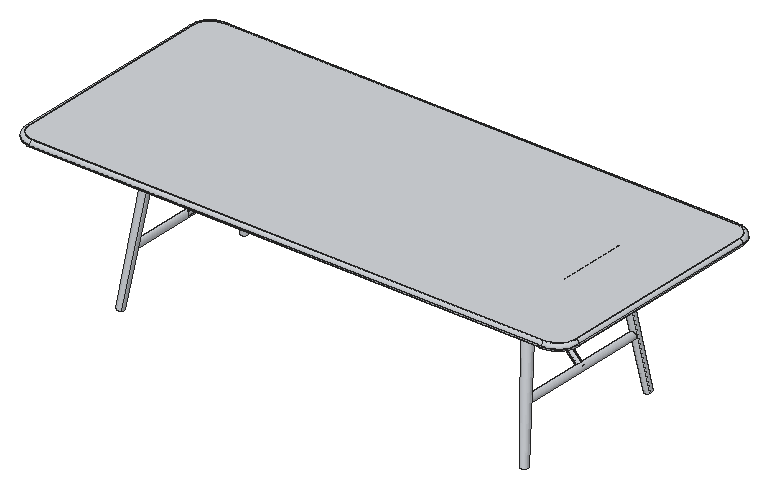
Revit family "Bernhardt_Design-Tables-Conference-LaPaz", category Furniture, Revit 2016
Family settings
  OmniClass Number = 23.40.20.00
  OmniClass Title = General Furniture and Specialties
  Work Plane-Based = No
  Always vertical = Yes
  Cut with Voids When Loaded = No
  Shared = No
  Room Calculation Point = No
Parameters (values of type "La Paz - 108" x 48"")
  URL = "http://www.bernhardtdesign.com"
  Tabletop [instance] = none
  Rect Width = 54.000"
  Rect Inner Width = Rect Width - 0.664"  # 53.336"
  Rect Inner Depth = Rect Depth - 0.664"  # 23.336"
  Rect Depth = 24.000"
  SKU = "LPS-EMC"
  Model = "La Paz"  # constant formula
  Manufacturer = "Bernhardt Design"  # constant formula
  Copyright © = "Copyright © Bernhardt Design"  # constant formula
  Catalog = SKU  # "LPS-EMC"
  Base Veneer [instance] = none
  Base Distance = Rect Width - 32.990"  # 21.010"
  Authoring Version = "Autodesk Revit 2016"  # constant formula
Types (15): name | Rect Width | Rect Inner Width | Rect Inner Depth | Rect Depth | SKU | Catalog | Base Distance
  (no name) | 54.000" | 53.336" | 23.336" | 24.000" | "LPS-EMC" | "LPS-EMC" | 21.010"
  La Paz - 66" x 36" | 33.000" | 32.336" | 17.336" | 18.000" | "LPS-EFA" | "LPS-EFA" | 0.010"
  La Paz - 72" x 36" | 36.000" | 35.336" | 17.336" | 18.000" | "LPS-EGA" | "LPS-EGA" | 3.010"
  La Paz - 72" x 42" | 36.000" | 35.336" | 20.336" | 21.000" | "LPS-EGB" | "LPS-EGB" | 3.010"
  La Paz - 78" x 42" | 39.000" | 38.336" | 20.336" | 21.000" | "LPS-EHB" | "LPS-EHB" | 6.010"
  La Paz - 84" x 42" | 42.000" | 41.336" | 20.336" | 21.000" | "LPS-EIB" | "LPS-EIB" | 9.010"
  La Paz - 90" x 42" | 45.000" | 44.336" | 20.336" | 21.000" | "LPS-EJC" | "LPS-EJC" | 12.010"
  La Paz - 96" x 42" | 48.000" | 47.336" | 20.336" | 21.000" | "LPS-EKB" | "LPS-EKB" | 15.010"
  La Paz - 102" x 42" | 51.000" | 50.336" | 20.336" | 21.000" | "LPS-ELB" | "LPS-ELB" | 18.010"
  La Paz - 108" x 42" | 54.000" | 53.336" | 20.336" | 21.000" | "LPS-EMB" | "LPS-EMB" | 21.010"
  La Paz - 84" x 48" | 42.000" | 41.336" | 23.336" | 24.000" | "LPS-EIC" | "LPS-EIC" | 9.010"
  La Paz - 90" x 48" | 45.000" | 44.336" | 23.336" | 24.000" | "LPS-EJC" | "LPS-EJC" | 12.010"
  La Paz - 96" x 48" | 48.000" | 47.336" | 23.336" | 24.000" | "LPS-EKC" | "LPS-EKC" | 15.010"
  La Paz - 102" x 48" | 51.000" | 50.336" | 23.336" | 24.000" | "LPS-ELC" | "LPS-ELC" | 18.010"
  La Paz - 108" x 48" | 54.000" | 53.336" | 23.336" | 24.000" | "LPS-EMC" | "LPS-EMC" | 21.010"
Reference planes (in)
  plane 1 "Center Front/Back": y = 0
  plane 2: z = 0
  plane 3 "Center Left/Right": x = 0
  plane 4: y = 24
  plane 5: y = -24
  plane 6: x = 54
  plane 7: x = -54
  plane 8: y = 23.336
  plane 9: y = -23.336
  plane 10: x = 53.336
  plane 11: x = -53.336
  plane 12: x = -32.99967
  plane 13: x = -50
  plane 14: x = 50
  plane 15: y = 20.00002
  plane 16: y = -20
  plane 17: y = 20.33599
  plane 18: y = -20.33598
  plane 19: x = -50
  plane 20: x = 50
Forms (in)
  Sweep 1, solid, material <- "Tabletop"
    path origin (0, 0, 0) x (1, 0, 0) y (0, 1, 0)
      loop
        line (50, 24.00002) -> (-50, 24.00002)
        arc (-50, 24.00002) -> (-52.82843, 22.82844) -> (-54, 20.00002) r 4
        line (-54, 20.00002) -> (-54, -20)
        arc (-54, -20) -> (-52.82843, -22.82843) -> (-50, -24) r 4
        line (-50, -24) -> (50, -24)
        arc (50, -24) -> (52.82843, -22.82843) -> (54, -20) r 4
        line (54, -20) -> (54, 20.00002)
        arc (54, 20.00002) -> (52.82843, 22.82844) -> (50, 24.00002) r 4
    profile origin (0, 24.00002, 0) x (0, -1, 0) y (0, 0, 1)
      loop
        line (0.12501, 28.455) -> (0.66402, 28.455) -> (0.66402, 29.45429)
        arc (0.66402, 29.45429) -> (0.19311, 29.24463) -> (0.00001, 28.76669) r 0.68803
        line (0.00001, 28.76669) -> (0.00001, 28.58)
        arc (0.00001, 28.58) -> (0.03662, 28.49161) -> (0.12501, 28.455) r 0.125
  Extrusion 2, solid, material <- "Tabletop"
    sketch origin (0, 0, 0) x (1, 0, 0) y (0, 1, 0)
      loop
        arc (50.45376, -23.336) -> (52.51564, -22.20434) -> (53.336, -20.00002) r 3.37169
        line (53.336, -20.00002) -> (53.336, 20.00002)
        arc (53.336, 20.00002) -> (52.51564, 22.20434) -> (50.45376, 23.336) r 3.37169
        line (50.45376, 23.336) -> (-50.45376, 23.336)
        arc (-50.45376, 23.336) -> (-52.51564, 22.20434) -> (-53.336, 20.00002) r 3.37169
        line (-53.336, 20.00002) -> (-53.336, -20.00002)
        arc (-53.336, -20.00002) -> (-52.51564, -22.20434) -> (-50.45376, -23.336) r 3.37169
        line (-50.45376, -23.336) -> (50.45376, -23.336)
    from 28.455 to 29.45429
Dimensions and locks (in)
  "Rect Width": plane 3 "Center Left/Right" to plane 6
  "Rect Width": plane 7 to plane 3 "Center Left/Right"
  "Rect Depth": plane 4 to plane 1 "Center Front/Back"
  "Rect Depth": plane 5 to plane 1 "Center Front/Back"
  "Rect Inner Width": plane 3 "Center Left/Right" to plane 10
  "Rect Inner Width": plane 11 to plane 3 "Center Left/Right"
  "Rect Inner Depth": plane 8 to plane 1 "Center Front/Back"
  "Rect Inner Depth": plane 9 to plane 1 "Center Front/Back"
  "Base Distance": nested 1 to plane 3 "Center Left/Right"
  locked: plane 14 to plane 6 at 4
  locked: plane 7 to plane 13 at 4
  locked: plane 15 to plane 4 at 3.99998
  locked: plane 16 to plane 5 at 4
  "Base Distance": nested 2 to plane 3 "Center Left/Right"
  locked: plane 20 to plane 10 at 3.336
  locked: plane 11 to plane 19 at 3.336
  aligned and locked: level to plane 2
Automatic sketch dimensions
  Sweep 1 sketch curve to profile plane = 0.00001"
  Sweep 1 sketch curve to Sweep 1 sketch curve = 0.125"
  Sweep 1 sketch curve to profile plane = 0.66402"
  Sweep 1 sketch curve to Sweep 1 sketch curve = 0.02401"
  level to Sweep 1 sketch curve = 28.455"
  Sweep 1 sketch curve to Sweep 1 sketch curve = 0.18669"
  Sweep 1 sketch curve to plane 7 = 0.000"
  Sweep 1 sketch curve to plane 5 = 0.000"
  Sweep 1 sketch curve to plane 16 = 0.000"
  Sweep 1 sketch curve to plane 13 = 0.000"
  Sweep 1 sketch curve to plane 14 = 0.000"
  plane 16 to Sweep 1 sketch curve = 0.000"
  Sweep 1 sketch curve to plane 6 = 0.000"
  plane 15 to Sweep 1 sketch curve = 0.000"
  Extrusion 2 sketch curve to plane 11 = 0.000"
  Extrusion 2 sketch curve to plane 9 = 0.000"
  Extrusion 2 sketch curve to plane 8 = 0.000"
  Extrusion 2 sketch curve to plane 10 = 0.000"
  Extrusion 2 sketch curve to plane 19 = 0.45376"  (x2)
  plane 19 to Extrusion 2 sketch curve = 0.03569"  (x2)
  Extrusion 2 sketch curve to plane 20 = 0.03569"  (x2)
  plane 20 to Extrusion 2 sketch curve = 0.45376"  (x2)
Nested families (in)
  nested 1: "LaPaz_BaseB" at (-21.01, 0, 0), Base Veneer <- "Base Veneer", type "LaPaz_BaseB"
    with Base Veneer none
  nested 2: "LaPaz_BaseB" at (21.01, 0, 0) x (-1, 0, 0) z (0, 0, 1), Base Veneer <- "Base Veneer", type "LaPaz_BaseB"
    with Base Veneer none
Definition of nested family "LaPaz_BaseB"
  Parameters (values of type "LaPaz_BaseB")
    Base Veneer [instance] = none
    URL = "http://www.bernhardtdesign.com"
    Model = "La Paz"  # constant formula
    Manufacturer = "Bernhardt Design"  # constant formula
    Copyright © = "Copyright © Bernhardt Design"  # constant formula
    Catalog = ""
    Authoring Version = "Autodesk Revit 2016"  # constant formula
  Reference planes (in)
    plane 1 "Center Front/Back": y = 0
    plane 2: z = 0
    plane 3 "Center Left/Right": x = 0
  Forms (in)
    SweptBlend 1, solid, material <- "Base Veneer"
      path origin (-3.86635, -11.9038, -2.03277) x (0.848048, -0.529919, 0) y (0.101113, 0.161815, 0.981627)
        loop
          line (-10.65118, 29.00634) -> (-10.65118, 0)
      profile origin (-9.96614, -1.56586, 26.44065) x (0.848048, -0.529919, 0) y (-0.520183, -0.832467, 0.190809)
        loop
          spline (-1.14281, 10.65342) -> (-1.10398, 10.42455) -> (-0.99015, 10.21128) -> (-0.80907, 10.02814) -> (-0.57308, 9.88761) -> (-0.29826, 9.79927) -> (-0.00334, 9.76914) -> (0.29157, 9.79927) -> (0.56639, 9.88761) -> (0.80238, 10.02814) -> (0.98346, 10.21128) -> (1.09729, 10.42455) -> (1.13612, 10.65342)
          spline (1.13612, 10.65342) -> (1.09729, 10.88229) -> (0.98346, 11.09557) -> (0.80238, 11.27871) -> (0.56639, 11.41924) -> (0.29157, 11.50758) -> (-0.00334, 11.53771) -> (-0.29826, 11.50758) -> (-0.57308, 11.41924) -> (-0.80907, 11.27871) -> (-0.99015, 11.09557) -> (-1.10398, 10.88229) -> (-1.14281, 10.65342)
      end profile origin (-12.89907, -6.25953, -2.03277) x (0.848048, -0.529919, 0) y (-0.520183, -0.832467, 0.190809)
        loop
          circle (-0.00334, 10.65342) r 0.64322
    Extrusion 2, solid, material <- "Base Veneer"
      sketch origin (-8.60925, 0, 0) x (1, 0, 0) y (0, 0, 1)
        loop
          line (-7.52677, 26.68187) -> (-6.30037, 26.68187) -> (-6.12496, 28.43001) -> (-7.88375, 28.43001) -> (-8.00367, 27.23487)
          arc (-8.00367, 27.23487) -> (-7.88403, 26.85591) -> (-7.52677, 26.68187) r 0.50332
      from -10.39375 to 10.39374
    SweptBlend 3, solid, material <- "Base Veneer"
      path origin (-3.86635, 11.9038, -2.03277) x (0.848048, 0.529919, 0) y (-0.101113, 0.161815, -0.981627)
        loop
          line (-10.65118, -29.00634) -> (-10.65118, 0)
      profile origin (-9.96614, 1.56586, 26.44065) x (-0.848048, -0.529919, 0) y (-0.520183, 0.832467, 0.190809)
        loop
          spline (1.14281, 10.65342) -> (1.10398, 10.88229) -> (0.99015, 11.09557) -> (0.80907, 11.27871) -> (0.57308, 11.41924) -> (0.29826, 11.50758) -> (0.00334, 11.53771) -> (-0.29157, 11.50758) -> (-0.56639, 11.41924) -> (-0.80238, 11.27871) -> (-0.98346, 11.09557) -> (-1.09729, 10.88229) -> (-1.13612, 10.65342)
          spline (-1.13612, 10.65342) -> (-1.09729, 10.42455) -> (-0.98346, 10.21128) -> (-0.80238, 10.02814) -> (-0.56639, 9.88761) -> (-0.29157, 9.79927) -> (0.00334, 9.76914) -> (0.29826, 9.79927) -> (0.57308, 9.88761) -> (0.80907, 10.02814) -> (0.99015, 10.21128) -> (1.10398, 10.42455) -> (1.14281, 10.65342)
      end profile origin (-12.89907, 6.25953, -2.03277) x (-0.848048, -0.529919, 0) y (-0.520183, 0.832467, 0.190809)
        loop
          circle (0.00334, 10.65342) r 0.64322
    Extrusion 4, solid, material <- "Base Veneer"
      sketch origin (0, 0, 0) x (1, 0, 0) y (0, 0, 1)
        loop
          spline (-17.49852, 9.72777) -> (-17.36335, 9.74171) -> (-17.23153, 9.81039) -> (-17.11206, 9.92911) -> (-17.01308, 10.0898) -> (-16.94132, 10.2815) -> (-16.90168, 10.49114) -> (-16.89687, 10.70444) -> (-16.9272, 10.90687) -> (-16.99061, 11.08463) -> (-17.08279, 11.2256) -> (-17.19744, 11.32018) -> (-17.32676, 11.36192)
          spline (-17.32676, 11.36192) -> (-17.46193, 11.34797) -> (-17.59375, 11.2793) -> (-17.71322, 11.16058) -> (-17.8122, 10.99989) -> (-17.88396, 10.80819) -> (-17.9236, 10.59855) -> (-17.92841, 10.38524) -> (-17.89808, 10.18282) -> (-17.83466, 10.00506) -> (-17.74249, 9.86409) -> (-17.62784, 9.76951) -> (-17.49852, 9.72777)
      from -12.95657 to 12.93124
    Extrusion 5, solid, material <- "Base Veneer"
      sketch origin (-5.07968, 0, -0.78284) x (0.731354, 0, -0.681998) y (0, 1, 0)
        loop
          arc (-16.83626, 0.55087) -> (-17.18718, 0.40552) -> (-17.33253, 0.0546) r 0.49627
          line (-17.33253, 0.0546) -> (-17.33253, -0.05774)
          arc (-17.33253, -0.05774) -> (-17.18718, -0.40866) -> (-16.83626, -0.55401) r 0.49627
          line (-16.83626, -0.55401) -> (-16.66919, -0.55401)
          arc (-16.66919, -0.55401) -> (-16.31827, -0.40866) -> (-16.17291, -0.05774) r 0.49627
          line (-16.17291, -0.05774) -> (-16.17291, 0.0546)
          arc (-16.17291, 0.0546) -> (-16.31827, 0.40552) -> (-16.66919, 0.55087) r 0.49627
          line (-16.66919, 0.55087) -> (-16.83626, 0.55087)
      from -0.11128 to 22.63244
    Extrusion 6, solid, material <- "Base Veneer"
      sketch origin (0, 0, 0) x (1, 0, 0) y (0, 1, 0)
        loop
          line (-14.90962, 9.00352) -> (-14.90962, 6.96217) -> (-3.32263, 0) -> (-14.90962, -6.96217) -> (-14.90962, -9.00352) -> (-0.9652, -0.62487)
          arc (-0.9652, -0.62487) -> (-0.65153, 0.03454) -> (-1.02602, 0.66142) r 0.77398
          line (-1.02602, 0.66142) -> (-14.90962, 9.00352)
      from 26.68187 to 28.43001
  Dimensions and locks (in)
    aligned and locked: level to plane 2
